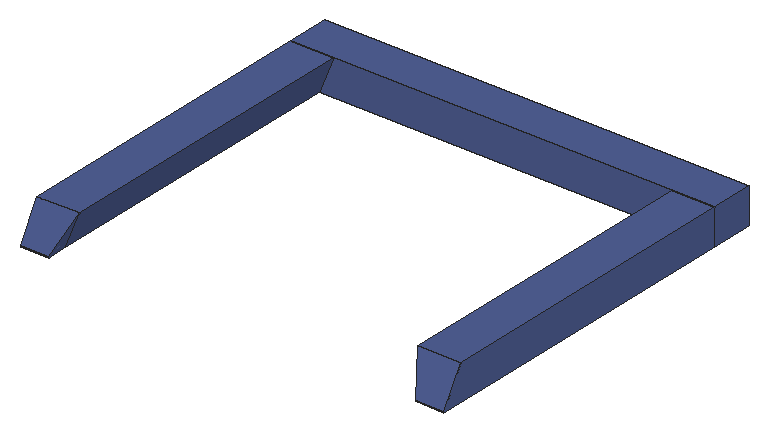
Revit family "SF111", category Generic Models, Revit 2023
Family settings
  Can host rebar = No
  Round Connector Dimension = Use Diameter
  Part Type = Normal
  OmniClass Number = 23.50.70.11
  OmniClass Title = Dock Bumpers/Seals
  Work Plane-Based = Yes
  Always vertical = No
  Cut with Voids When Loaded = No
  Maintain Annotation Orientation = No
  Shared = No
  Room Calculation Point = No
Parameters
  offset [instance] = 0' - 0"
  Warranty Duration (Years) = 0
  Vertical Strip [instance] = no
  Unit Width [instance] = Clear Width + (Pad Face Width_Vertical * 2)  # 10' - 0"
  Unit Height [instance] = Clear Height + Pad Face Width_Head  # 9' - 0"
  Unit Depth_Base [instance] = 0' - 10"
  Unit Depth = 0' - 10"
  URL = ""
  Taper Distance_Plan [instance] = 0' - 4"
  Strip Length [instance] = if(Full Height Strip, Clear Height - 0' 6", 2' 0")  # 2' - 0"
  Specification = ""
  SpecWizard = ""
  Send Message = ""
  Sales Information = "http://www.OVERHEADDOOR.COM"
  Revision = "R1_07-2011"
  Protective Flap Type [instance] = Seal Flaps : None
  Product Properties = ""
  Product Data = "http://www.OVERHEADDOOR.COM"
  Pad Face Width_Vertical = 1' - 0"
  Pad Face Width_Head = 1' - 0"
  Model = "As Specified"
  Material = Plastic - Vinyl- Blue
  Manufacturer Website = "http://www.OVERHEADDOOR.COM"
  Manufacturer Phone - Toll Free = "1-800-929-3667"
  Manufacturer Phone = ""
  Manufacturer Fax = ""
  Manufacturer Address = ""
  Manufacturer = ""
  Maintenance Schedule (Months) = 0
  Keynote = ""
  Installation-Fabrication = ""
  Installation Phase = ""
  Green Building-LEED = ""
  Galvanized Steel Canopy [instance] = no
  Full Height Strip [instance] = no
  Flap Length [instance] = Clear Height - 0' 6"  # 7' - 6"
  Expected Lifespan (Years) = 0
  Drop Curtain [instance] = no
  Drawn By = ""
  Description = ""
  Default Elevation = 4' - 0"
  Curtain Drop [instance] = 1' - 0"
  Copyright = ""
  Construction Details = "http://www.OVERHEADDOOR.COM"
  Clear Width [instance] = 8' - 0"
  Clear Height [instance] = 8' - 0"
  Assembly Code = ""
Reference planes (in)
  plane 1 "Center (Front/Back)": y = 0
  plane 2 "Bottom": z = 0
  plane 3 "Center (Left/Right)": x = 0
  plane 4 "Front": y = -54
  plane 5 "Back": y = 54
  plane 6 "Left": x = -60
  plane 7 "Right": x = 60
  plane 8 "Top": z = 10
  plane 9: x = -48
  plane 10: x = 48
  plane 11: y = 42
  plane 12: x = 52
  plane 13: x = -52
  plane 14: z = 10
  plane 15: y = -48
  plane 16: x = -54
  plane 17: x = 54
  plane 18: y = -3
Forms (in)
  Extrusion 1, solid, material "Plastic - Vinyl- Blue" <- "Material"
    sketch origin (0, 0, 0) x (1, 0, 0) y (0, 1, 0)
      loop
        line (-60, 54) -> (-60, 42) -> (60, 42) -> (60, 54) -> (-60, 54)
    from 0 to 10
  Blend 2, solid, material "Plastic - Vinyl- Blue" <- "Material"
    base sketch origin (0, -48, 22.94543) x (0, 0, 1) y (-1, 0, 0)
      loop
        line (-22.94543, 52) -> (-12.94543, 48) -> (-12.94543, 60) -> (-22.94543, 60) -> (-22.94543, 52)
    top sketch origin (0, -48, 22.94543) x (0, 0, 1) y (-1, 0, 0)
      loop
        line (-22.94543, 52) -> (-12.94543, 48) -> (-12.94543, 60) -> (-22.94543, 60) -> (-22.94543, 52)
    from 0 to -90
  Blend 3, solid, material "Plastic - Vinyl- Blue" <- "Material"
    base sketch origin (0, -48, 22.94543) x (0, 0, 1) y (-1, 0, 0)
      loop
        line (-22.94543, -60) -> (-12.94543, -60) -> (-12.94543, -48) -> (-22.94543, -52) -> (-22.94543, -60)
    top sketch origin (0, -48, 22.94543) x (0, 0, 1) y (-1, 0, 0)
      loop
        line (-22.94543, -60) -> (-12.94543, -60) -> (-12.94543, -48) -> (-22.94543, -52) -> (-22.94543, -60)
    from 0 to -90
  Blend 4, solid, material "Plastic - Vinyl- Blue" <- "Material"
    base sketch origin (0, -48, 22.94543) x (0, 0, 1) y (-1, 0, 0)
      loop
        line (-22.94543, 60) -> (-22.94543, 52) -> (-12.94543, 48) -> (-12.94543, 60) -> (-22.94543, 60)
    top sketch origin (0, -48, 22.94543) x (0, 0, 1) y (-1, 0, 0)
      loop
        line (-22.94543, 60) -> (-22.94543, 52) -> (-22.88293, 52) -> (-22.88293, 60) -> (-22.94543, 60)
    from 0 to 6
  Blend 5, solid, material "Plastic - Vinyl- Blue" <- "Material"
    base sketch origin (0, -48, 22.94543) x (0, 0, 1) y (-1, 0, 0)
      loop
        line (-22.94543, -60) -> (-12.94543, -60) -> (-12.94543, -48) -> (-22.94543, -52) -> (-22.94543, -60)
    top sketch origin (0, -48, 22.94543) x (0, 0, 1) y (-1, 0, 0)
      loop
        line (-22.94543, -60) -> (-22.88293, -60) -> (-22.88293, -52) -> (-22.94543, -52) -> (-22.94543, -60)
    from 0 to 6
  Sweep 6, solid, material "Plastic - Vinyl - Super Seal - Yellow", visible <- "Vertical Strip"
    path origin (-54, 53.619, 48) x (0, 1, 0) y (0, 0, 1)
      loop
        line (-77.619, -38) -> (-101.619, -38)
    profile origin (-54, -36, 10) x (0, 0, -1) y (1, 0, 0)
      loop
        line (0, -2) -> (0, 2) -> (-0.0625, 2) -> (-0.0625, -2) -> (0, -2)
  Sweep 7, solid, material "Plastic - Vinyl - Super Seal - Yellow", visible <- "Vertical Strip"
    path origin (54, 53.619, 48) x (0, 1, 0) y (0, 0, 1)
      loop
        line (-77.619, -38) -> (-101.619, -38)
    profile origin (54, -36, 10) x (0, 0, -1) y (1, 0, 0)
      loop
        line (0, -2) -> (0, 2) -> (-0.06267, 2) -> (-0.06267, -2) -> (0, -2)
  Extrusion 8, solid, material "Metal - Steel - Super Seal - Galvanized", visible <- "Galvanized Steel Canopy"
    sketch origin (-60, 16.34522, 48) x (0, 1, 0) y (0, 0, 1)
      loop
        line (37.65478, -38) -> (37.65478, -48) -> (39.65478, -48) -> (37.75969, -37.875) -> (36.65478, -37.875) -> (36.65478, -38) -> (37.65478, -38)
    from 0 to 120
Cuts and joins
  joined: Blend 3, Blend 5
  joined: Blend 2, Blend 4
Lines and regions (in)
  model lines, style "Dock Equipment", detail levels medium+fine
    curve 1: line (-9, 50, 10) -> (9, 50, 10)
    curve 2: line (-9, 46, 10) -> (-9, 50, 10)
    curve 3: line (9, 46, 10) -> (-9, 46, 10)
    curve 4: line (9, 50, 10) -> (9, 46, 10)
  reference lines
    curve 5: line (-54, 42, 10) -> (-54, -48, 10)
Dimensions and locks (in)
  equal spacing: plane 6 "Left", plane 3 "Center (Left/Right)", plane 7 "Right"
  "Unit Width": plane 6 "Left" to plane 7 "Right"
  equal spacing: plane 5 "Back", plane 1 "Center (Front/Back)", plane 4 "Front"
  "Unit Height": plane 5 "Back" to plane 4 "Front"
  "Unit Depth": plane 8 "Top" to level
  equal spacing: plane 9, plane 3 "Center (Left/Right)", plane 10
  "Clear Width": plane 9 to plane 10
  "Clear Height": plane 11 to plane 4 "Front"
  "Taper Distance_Plan": plane 9 to plane 13
  "Taper Distance_Plan": plane 12 to plane 10
  "Unit Depth_Base": plane 14 to level
  locked: plane 4 "Front" to plane 15 at 6
  equal spacing: plane 10, plane 17, plane 7 "Right"
  equal spacing: plane 6 "Left", plane 16, plane 9
  "Strip Length": Sweep 6 sketch curve to Sweep 6 sketch curve
  equal spacing: plane 11, plane 18, plane 15
  "Strip Length": Sweep 7 sketch curve to Sweep 7 sketch curve
  locked: Sweep 6 sketch curve to curve 5 at 0
  locked: curve 5 to Sweep 7 sketch curve
  aligned and locked: plane 8 "Top" to Extrusion 1
  aligned and locked: plane 11 to Blend 2
  aligned and locked: plane 11 to Blend 3
  aligned and locked: Blend 4 to plane 4 "Front"
  aligned and locked: Blend 5 to plane 4 "Front"
  aligned and locked: curve 5 to Sweep 6 sketch curve
  aligned and locked: curve 5 to Sweep 7 sketch curve
  aligned and locked: plane 17 to nested 2
  aligned and locked: plane 16 to nested 1
  aligned and locked: plane 7 "Right" to Extrusion 8
Automatic sketch dimensions
  Extrusion 1 sketch curve to plane 6 "Left" = 0' - 0"
  Extrusion 1 sketch curve to plane 7 "Right" = 0' - 0"
  Extrusion 1 sketch curve to plane 11 = 0' - 0"
  Extrusion 1 sketch curve to plane 5 "Back" = 0' - 0"
  Blend 2 sketch curve to level = 0' - 0"  (x2)
  Blend 2 sketch curve to plane 6 "Left" = 0' - 0"  (x2)
  Blend 2 sketch curve to plane 14 = 0' - 0"
  Blend 2 sketch curve to plane 9 = 0' - 0"  (x2)
  Blend 2 sketch curve to plane 13 = 0' - 0"  (x2)
  Blend 2 sketch curve to plane 8 "Top" = 0' - 0"
  Blend 3 sketch curve to level = 0' - 0"  (x2)
  Blend 3 sketch curve to plane 10 = 0' - 0"  (x2)
  Blend 3 sketch curve to plane 14 = 0' - 0"
  Blend 3 sketch curve to plane 7 "Right" = 0' - 0"  (x2)
  Blend 3 sketch curve to plane 12 = 0' - 0"  (x2)
  Blend 3 sketch curve to plane 8 "Top" = 0' - 0"
  Blend 4 sketch curve to level = 0' - 0"  (x2)
  Blend 4 sketch curve to plane 9 = 0' - 0"
  Blend 4 sketch curve to plane 14 = 0' - 0"
  Blend 4 sketch curve to plane 13 = 0' - 0"  (x2)
  Blend 4 sketch curve to plane 6 "Left" = 0' - 0"  (x2)
  Blend 4 sketch curve to Blend 4 sketch curve = 0' - 0 1/16"
  Blend 5 sketch curve to level = 0' - 0"  (x2)
  Blend 5 sketch curve to plane 10 = 0' - 0"
  Blend 5 sketch curve to plane 14 = 0' - 0"
  Blend 5 sketch curve to plane 7 "Right" = 0' - 0"  (x2)
  Blend 5 sketch curve to plane 12 = 0' - 0"  (x2)
  level to Blend 5 sketch curve = 0' - 0 1/16"
  curve 1 to plane 5 "Back" = 0' - 4"
  plane 3 "Center (Left/Right)" to curve 1 = 0' - 9"
  plane 11 to curve 3 = 0' - 4"
  curve 3 to plane 3 "Center (Left/Right)" = 0' - 9"
  curve 5 to plane 14 = 0' - 0"
  curve 5 to plane 15 = 0' - 0"
  curve 5 to plane 8 "Top" = 0' - 0"
  curve 5 to plane 11 = 0' - 0"
  Sweep 6 sketch curve to profile plane = 0' - 0"
  Sweep 6 sketch curve to Sweep 6 sketch curve = 0' - 0 1/16"
  Sweep 6 sketch curve to plane 16 = 0' - 2"
  plane 16 to Sweep 6 sketch curve = 0' - 2"
  Sweep 7 sketch curve to profile plane = 0' - 0"
  Sweep 7 sketch curve to Sweep 7 sketch curve = 0' - 0.06267"
  Sweep 7 sketch curve to plane 17 = 0' - 2"
  plane 17 to Sweep 7 sketch curve = 0' - 2"
  Extrusion 8 sketch curve to plane 8 "Top" = 0' - 0"
  Extrusion 8 sketch curve to plane 5 "Back" = 0' - 0"
  Extrusion 8 sketch curve to level = 0' - 0"
  plane 8 "Top" to Extrusion 8 sketch curve = 0' - 0 1/8"
  Extrusion 8 sketch curve to plane 5 "Back" = 0' - 1"
  plane 5 "Back" to Extrusion 8 sketch curve = 0' - 0.10491"
  plane 5 "Back" to Extrusion 8 sketch curve = 0' - 2"
Nested families (in)
  nested 1: "Seal Flaps" at (-54, -3, 10), Material <- "Material", Unit Width <- "Pad Face Width_Vertical", Unit Height <- "Flap Length", type <- "Protective Flap Type", Striped <- "Vertical Strip", type "None"
    with offset 0' - 0", Unit Width 1' - 0", Unit Height 7' - 6", Striped no, Stripe Material Plastic - Vinyl - Super Seal - Yellow, Material Plastic - Vinyl- Blue, Flaps 6
  nested 2: "Seal Flaps" at (54, -3, 10), Material <- "Material", Unit Width <- "Pad Face Width_Vertical", Unit Height <- "Flap Length", type <- "Protective Flap Type", Striped <- "Vertical Strip", type "None"
    with offset 0' - 0", Unit Width 1' - 0", Unit Height 7' - 6", Striped no, Stripe Material Plastic - Vinyl - Super Seal - Yellow, Material Plastic - Vinyl- Blue, Flaps 6
Definition of nested family "Seal Flaps"
  Parameters
    offset [instance] = 0' - 0"
    Warranty Duration (Years) = 0
    Unit Width [instance] = 1' - 0"
    Unit Height [instance] = 6' - 0"
    Unit Depth = 0' - 4"
    URL = "http://www.supersealmfg.com/"
    Striped [instance] = yes
    Stripe Material [instance] = none
    Specification = ""
    SpecWizard = ""
    Send Message = "http://www.arcat.com/users.pl?action=UserEmail&company=Super-Seal%20Mfg.%20Ltd&coid=44693&rep=119&fax=905-850-4440 &mf="
    Sales Information = "http://www.supersealmfg.com/ContactUs.htm"
    Revision = "R1_07-2011"
    Product Properties = ""
    Product Data = "http://arcat.com/arcatcos/cos44/arc44693.html?isac=1&r=1"
    Model = "As Specified"
    Material [instance] = none
    Manufacturer Website = "http://www.supersealmfg.com/"
    Manufacturer Phone - Toll Free = "800-337-3239 "
    Manufacturer Phone = "800-337-3239 "
    Manufacturer Fax = "905-850-4440 "
    Manufacturer Address = "670 Rowntree Dairy Rd. Woodbridge , ON, Canada L4L-5T8"
    Manufacturer = "Super-Seal Mfg. Ltd"
    Maintenance Schedule (Months) = 0
    Keynote = ""
    Installation-Fabrication = ""
    Installation Phase = ""
    Green Building-LEED = ""
    Flaps Visible = no
    Flaps [instance] = (Unit Height - 0' 1") / Exposure  # 4
    Exposure = 1' - 4"
    Expected Lifespan (Years) = 0
    Drawn By = "Sumex Design, Inc. / Robert S. Weygant, CSI, CDT, SCIP"
    Description = "Super Seal"
    Default Elevation = 4' - 0"
    Copyright = "©Arcat Inc."
    Construction Details = "http://arcat.com/details/supersea/supersea.html?coid=44693"
    Assembly Code = ""
  Reference planes (in)
    plane 1 "Center (Front/Back)": y = 0
    plane 2 "Bottom": z = 0
    plane 3 "Center (Left/Right)": x = 0
    plane 4 "Front": y = -36
    plane 5 "Back": y = 36
    plane 6 "Left": x = -6
    plane 7 "Right": x = 6
    plane 8 "Top": z = 4
  Dimensions and locks (in)
    equal spacing: plane 6 "Left", plane 3 "Center (Left/Right)", plane 7 "Right"
    "Unit Width": plane 6 "Left" to plane 7 "Right"
    equal spacing: plane 5 "Back", plane 1 "Center (Front/Back)", plane 4 "Front"
    "Unit Height": plane 5 "Back" to plane 4 "Front"
    "Unit Depth": plane 8 "Top" to level
    equal spacing: group 1, group 2, group 3, group 4  (x2)
    equal spacing: group 4, group 3, group 2, group 1
    "Exposure": plane 5 "Back" to nested 2
    aligned and locked: plane 5 "Back" to nested 1
    aligned and locked: plane 3 "Center (Left/Right)" to nested 1
    aligned and locked: plane 3 "Center (Left/Right)" to nested 2
  Nested families (in)
    nested 1: "Seal Flap" at (0, 27, 0), Unit Width <- "Unit Width", Unit Height <- "Exposure", Material <- "Material", visible <- "Flaps Visible", Stripe <- "Striped", Stripe Material <- "Stripe Material", type "Seal Flap"
      with offset 0' - 0", Unit Width 1' - 0", Unit Height 1' - 4", Unit Depth 0' - 0 1/4", Stripe Material none, Stripe yes, Material none
    nested 2: "Seal Flap" at (0, 11, 0), Unit Width <- "Unit Width", Unit Height <- "Exposure", Material <- "Material", visible <- "Flaps Visible", Stripe <- "Striped", Stripe Material <- "Stripe Material", type "Seal Flap"
      with offset 0' - 0", Unit Width 1' - 0", Unit Height 1' - 4", Unit Depth 0' - 0 1/4", Stripe Material none, Stripe yes, Material none
    nested 3: "Seal Flap" at (0, -5, 0), Unit Width <- "Unit Width", Unit Height <- "Exposure", Material <- "Material", visible <- "Flaps Visible", Stripe <- "Striped", Stripe Material <- "Stripe Material", type "Seal Flap"
      with offset 0' - 0", Unit Width 1' - 0", Unit Height 1' - 4", Unit Depth 0' - 0 1/4", Stripe Material none, Stripe yes, Material none
    nested 4: "Seal Flap" at (0, -21, 0), Unit Width <- "Unit Width", Unit Height <- "Exposure", Material <- "Material", visible <- "Flaps Visible", Stripe <- "Striped", Stripe Material <- "Stripe Material", type "Seal Flap"
      with offset 0' - 0", Unit Width 1' - 0", Unit Height 1' - 4", Unit Depth 0' - 0 1/4", Stripe Material none, Stripe yes, Material none
  Definition of nested family "Seal Flap"
    Parameters
      offset [instance] = 0' - 0"
      Warranty Duration (Years) = 0
      Unit Width [instance] = 1' - 0"
      Unit Height [instance] = 0' - 4"
      Unit Depth [instance] = 0' - 0 1/4"  # constant formula
      URL = "http://www.supersealmfg.com/"
      Stripe Material [instance] = none
      Stripe [instance] = yes
      Specification = ""
      SpecWizard = ""
      Send Message = "http://www.arcat.com/users.pl?action=UserEmail&company=Super-Seal%20Mfg.%20Ltd&coid=44693&rep=119&fax=905-850-4440 &mf="
      Sales Information = "http://www.supersealmfg.com/ContactUs.htm"
      Revision = "R1_07-2011"
      Product Properties = ""
      Product Data = "http://arcat.com/arcatcos/cos44/arc44693.html?isac=1&r=1"
      Model = "As Specified"
      Material [instance] = none
      Manufacturer Website = "http://www.supersealmfg.com/"
      Manufacturer Phone - Toll Free = "800-337-3239 "
      Manufacturer Phone = "800-337-3239 "
      Manufacturer Fax = "905-850-4440 "
      Manufacturer Address = "670 Rowntree Dairy Rd. Woodbridge , ON, Canada L4L-5T8"
      Manufacturer = "Super-Seal Mfg. Ltd"
      Maintenance Schedule (Months) = 0
      Keynote = ""
      Installation-Fabrication = ""
      Installation Phase = ""
      Green Building-LEED = ""
      Expected Lifespan (Years) = 0
      Drawn By = "Sumex Design, Inc. / Robert S. Weygant, CSI, CDT, SCIP"
      Description = "Super Seal"
      Default Elevation = 0' - 0"
      Copyright = "©Arcat Inc."
      Construction Details = "http://arcat.com/details/supersea/supersea.html?coid=44693"
      Assembly Code = ""
    Reference planes (in)
      plane 1 "Center (Front/Back)": y = 0
      plane 2 "Bottom": z = 0
      plane 3 "Center (Left/Right)": x = 0
      plane 4 "Front": y = -2
      plane 5 "Back": y = 2
      plane 6 "Left": x = -6
      plane 7 "Right": x = 6
      plane 8 "Top": z = 0.25
    Forms (in)
      Sweep 1, solid, material <- "Material"
        path origin (0, 0, 0) x (0, 1, 0) y (0, 0, 1)
          loop
            line (-2, 0.25) -> (2, 0) -> (3, 0)
        profile origin (0, 0, 0.125) x (0, 0.062378, 0.998053) y (1, 0, 0)
          loop
            line (0, -6) -> (0.125, -6) -> (0.125, 6) -> (0, 6) -> (0, -6)
      Sweep 2, solid, material <- "Stripe Material", visible <- "Stripe"
        path origin (0, 0, 0) x (0, 1, 0) y (0, 0, 1)
          loop
            line (-2, 0.25) -> (2, 0) -> (3, 0)
        profile origin (0, 0, 0.125) x (0, 0.062378, 0.998053) y (1, 0, 0)
          loop
            line (0.1875, -2) -> (0.1875, 2) -> (0.125, 2) -> (0.125, -2) -> (0.1875, -2)
    Dimensions and locks (in)
      equal spacing: plane 6 "Left", plane 3 "Center (Left/Right)", plane 7 "Right"
      "Unit Width": plane 6 "Left" to plane 7 "Right"
      equal spacing: plane 5 "Back", plane 1 "Center (Front/Back)", plane 4 "Front"
      "Unit Height": plane 5 "Back" to plane 4 "Front"
      "Unit Depth": plane 8 "Top" to level
      aligned and locked: plane 7 "Right" to Sweep 1 sketch curve
      aligned and locked: Sweep 1 sketch curve to plane 6 "Left"
    Automatic sketch dimensions
      Sweep 1 sketch curve to plane 4 "Front" = 0' - 0"
      Sweep 1 sketch curve to level = 0' - 0"
      Sweep 1 sketch curve to plane 5 "Back" = 0' - 0"
      Sweep 1 sketch curve to plane 8 "Top" = 0' - 0"
      plane 5 "Back" to Sweep 1 sketch curve = 0' - 1"
      Sweep 1 sketch curve to profile plane = 0' - 0"
      Sweep 1 sketch curve to profile plane = 0' - 0 1/8"
      Sweep 2 sketch curve to plane 4 "Front" = 0' - 0"
      Sweep 2 sketch curve to level = 0' - 0"
      Sweep 2 sketch curve to plane 5 "Back" = 0' - 0"
      Sweep 2 sketch curve to plane 8 "Top" = 0' - 0"
      Sweep 2 sketch curve to Sweep 2 sketch curve = 0' - 1"
      Sweep 2 sketch curve to profile plane = 0' - 0 1/8"
      Sweep 2 sketch curve to Sweep 2 sketch curve = 0' - 0 1/16"
      Sweep 2 sketch curve to plane 3 "Center (Left/Right)" = 0' - 2"
      plane 3 "Center (Left/Right)" to Sweep 2 sketch curve = 0' - 2"
